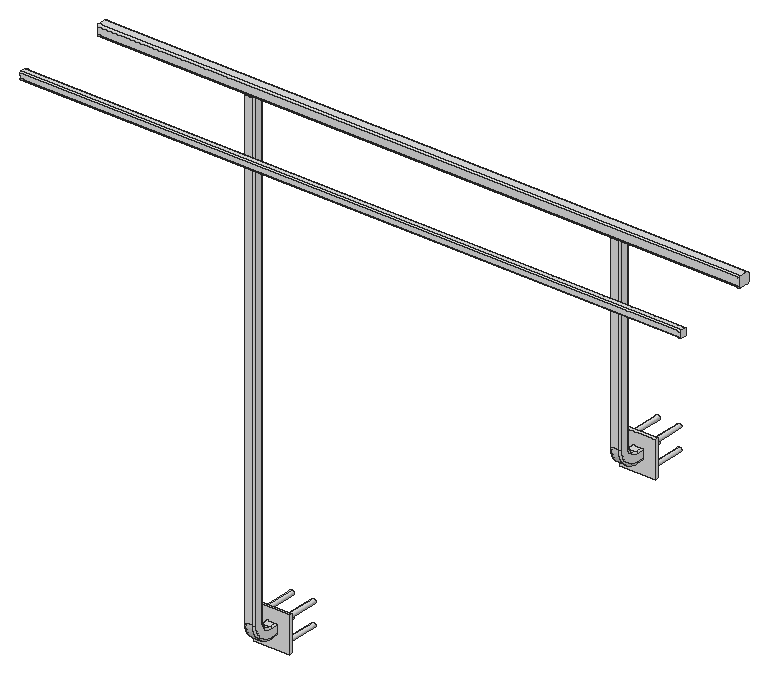
Revit family "AVLN_Ограждение парапета_разноуровневые", category Каркас несущий, Revit 2021
Family settings
  Округление длины несущего каркаса = 0 мм
  Форма сечения = Не задано
  Материал для поведения модели = Прочее
  Всегда экспортировать в виде геометрии = Нет
  На основе рабочей плоскости = Нет
  Всегда вертикально = Да
  При загрузке вырезать с полостями = Нет
  Условное обозначение = Из семейства
  Общий = Нет
  Показывать семейство разрезанным на планах = Да
Parameters (values of type "АР_О_Ограждение парапета")
  Шаг гор. труб = 150 mm
  Труба.2_Ширина = 20 mm  # constant formula
  Труба.2_Толщина = 2 mm  # constant formula
  Отступ трубы = 50 mm
  Отступ от стены = 50 mm
  Отступ нижней часта.Справа [instance] = -150 mm
  Отступ нижней часта.Слева [instance] = 200 mm
  Отступ гор. труб = 150 mm
  Материал ограждения парапета = ADSK_RAL9002/9003
  Structural Material [instance] = (empty or 0)
  Количество горизонтальных поручней [instance] = 1
  Количество вертикальных стоек [instance] = 2
  Длина [instance] = 1800 mm
  Труба.1_Ширина = 30 mm  # constant formula
  Труба.1_Толщина = 3 mm  # constant formula
  Пластина_Ширина = 100 mm
  Пластина_Толщина = 8 mm
  Пластина_Длина = 100 mm
  Отступ от пола [instance] = 0 mm
  Отступ крайних стоек [instance] = 350 mm
  Комментарии к типоразмеру = "АР"
  Группа модели = "Ограждение парапета"
  Высота.2 = 0 mm  # constant formula
  Высота.1 = 600 mm
  Анкер_Длина = 150 mm
  Анкер_Диаметр = 10 mm
  ADSK_Этаж [instance] = ""
  ADSK_Примечание = ""
  ADSK_Обозначение = ""
  ADSK_Номер секции [instance] = ""
  ADSK_Наименование = "Ограждение парапета"
  ADSK_Марка = "ОГ-11"
Types (8, lengths in mm): name | Шаг гор. труб | Отступ гор. труб | Материал ограждения парапета | Группа модели | Высота.1 | ADSK_Наименование
  АР_О_Ограждение парапета | 150 | 150 | ADSK_RAL9002/9003 | "Ограждение парапета" | 600 | "Ограждение парапета"
  АР_О_Ограждение парапета 7 | 150 | 150 | ADSK_RAL9002/9003 | "Ограждение парапета" | 900 | "Ограждение парапета"
  АР_О_Ограждение парапета 6 | 150 | 150 | ADSK_RAL9002/9003 | "Ограждение парапета" | 1000 | "Ограждение парапета"
  АР_О_Ограждение парапета 5 | 200 | 200 | none | 0 | 1900 | ""
  АР_О_Ограждение парапета 4 | 150 | 150 | ADSK_RAL9002/9003 | "Ограждение парапета" | 950 | "Ограждение парапета"
  АР_О_Ограждение парапета 3 | 150 | 150 | ADSK_RAL9002/9003 | "Ограждение парапета" | 900 | "Ограждение парапета"
  АР_О_Ограждение парапета 2 | 150 | 150 | ADSK_RAL9002/9003 | "Ограждение парапета" | 800 | "Ограждение парапета"
  АР_О_Ограждение парапета 8 | 150 | 150 | ADSK_RAL9002/9003 | "Ограждение парапета" | 1000 | "Ограждение парапета"
Reference planes
  plane 1 "По центру (Вперед/Назад)": y = 0
  plane 2: z = 0
  plane 3 "По центру (Влево/Вправо)": x = 0
  plane 4: y = -50
  plane 5: y = -100
  plane 6: z = 600
  plane 7: z = 600
  plane 8: z = 570
  plane 9: x = -900
  plane 10: x = 900
  plane 11: y = -130
Dimensions and locks
  "Отступ от стены": plane 4 to plane 1 "По центру (Вперед/Назад)"
  "Отступ трубы": plane 4 to plane 5
  "Высота.2": plane 7 to plane 6
  "Высота.1": plane 6 to level
  plane 8 to level = 570 mm
  "Труба.1_Ширина": plane 7 to plane 8
  equal spacing: plane 9, plane 3 "По центру (Влево/Вправо)", plane 10
  "Длина": plane 9 to plane 10
  "Труба.1_Ширина": plane 5 to plane 11
  plane 10 to plane 9 = 1800 mm
  aligned and locked: level to plane 2
  aligned and locked: nested 1 to plane 4
  aligned and locked: plane 3 "По центру (Влево/Вправо)" to nested 1
Nested families
  nested 1: "АР_В_Ограждение парапета" at (0, -115, 0), ADSK_Группирование <- "Комментарии к типоразмеру", ADSK_Номер секции <- "ADSK_Номер секции", ADSK_Этаж <- "ADSK_Этаж", Высота <- "Высота.1", Ширина <- "Длина", ОТ <- "Отступ от пола", ОТ_Крайних стоек <- "Отступ крайних стоек", Т_Толщина <- "Труба.1_Толщина", Т_Ширина <- "Труба.1_Ширина", А1_Диаметр <- "Анкер_Диаметр", А1_Длина <- "Анкер_Длина", А2_Диаметр <- "Анкер_Диаметр", А2_Длина <- "Анкер_Длина", П1_Высота <- "Пластина_Длина", П1_Толщина <- "Пластина_Толщина", П1_Ширина <- "Пластина_Ширина", П2_Высота <- "Пластина_Длина", П2_Толщина <- "Пластина_Толщина", П2_Ширина <- "Пластина_Ширина", КВС <- "Количество вертикальных стоек", Отс.Б.Трубы <- "Отступ трубы", ADSK_Марка <- "ADSK_Марка", ОТ_Гор.труб <- "Отступ гор. труб", Шаг_Гор.труб <- "Шаг гор. труб", Т2_Ширина <- "Труба.2_Ширина", Т2_Толщина <- "Труба.2_Толщина", КГТ <- "Количество горизонтальных поручней", ОТ.НС.Л <- "Отступ нижней часта.Слева", ОТ.НС.П <- "Отступ нижней часта.Справа", Материал ОП <- "Материал ограждения парапета", type "АР_В_Ограждение парапета"
    with Ширина 1800 mm, Шаг_Гор.труб 150 mm, Т_Ширина 30 mm, Т_Толщина 3 mm, Т_Длина крайних стоек 327 mm, Т_Высота стойки_Справа 1370 mm, Т_Высота стойки_Слева 570 mm, Т2_Ширина 20 mm, Т2_Толщина 2 mm, П2_Ширина 100 mm, П2_Толщина 8 mm, П2_Высота 100 mm, П1_Ширина 100 mm, П1_Толщина 8 mm, П1_Высота 100 mm, Отс.Б.Трубы 50 mm, ОТ_Крайних стоек 350 mm, ОТ_Гор.труб 150 mm, ОТ.НЧ.УДЛ.П 650 mm, ОТ.НЧ.УДЛ.Л 300 mm, ОТ.НС.П -150 mm, ОТ.НС.Л 200 mm, ОТ 0 mm, НЧ.Длина 1850 mm, Материал ОП ADSK_RAL9002/9003, КГТ.2 2, КГТ 1, КВС 2, Высота_справа 1400 mm, Высота 600 mm, ВИД.2 no, ВИД.1 yes, А2_Длина 150 mm, А2_Диаметр 10 mm, А1_Длина 150 mm, А1_Диаметр 10 mm, ADSK_Этаж "", ADSK_Позиция "", ADSK_Номер секции "", ADSK_Марка "ОГ-11", ADSK_Группирование "АР"
  nested 2: "Труба горизонтальная-ОГП" at (0, -115, 570), type "Труба горизонтальная-ОГП"
    with Ш.трубы 30 mm, Т.Трубы 3 mm, М ADSK_RAL9002/9003, Высота геометрии 1800 mm, ВИД yes, ADSK_Этаж "", ADSK_Размер_Ширина 30 mm, ADSK_Размер_Толщина 3 mm, ADSK_Размер_Длина 1800 mm, ADSK_Размер_Высота 30 mm, ADSK_Позиция "", ADSK_Обозначение "ГОСТ 8639-82", ADSK_Номер секции "", ADSK_Наименование "Труба", ADSK_Масса погонного метра 1.44, ADSK_Масса 2.592, ADSK_Марка "ОГ-11", ADSK_Группирование "АР"
  nested 3: "Труба горизонтальная-ОГП" at (-175, -140, 400), type "Труба горизонтальная-ОГП"
    with Ш.трубы 20 mm, Т.Трубы 2 mm, М ADSK_RAL9002/9003, Высота геометрии 1850 mm, ВИД yes, ADSK_Этаж "", ADSK_Размер_Ширина 20 mm, ADSK_Размер_Толщина 2 mm, ADSK_Размер_Длина 1850 mm, ADSK_Размер_Высота 20 mm, ADSK_Позиция "1", ADSK_Обозначение "ГОСТ 8639-82", ADSK_Номер секции "", ADSK_Наименование "Труба", ADSK_Масса погонного метра 1.44, ADSK_Масса 2.664, ADSK_Марка "ОГ-11", ADSK_Группирование "АР"
  nested 4: "Труба-ОГП" at (-475.112, -115, -800) x (0, -1, 0) z (0, 0, 1), type "Труба-ОГП"
    with Ш.трубы 30 mm, Т.Трубы 3 mm, ОТС 50 mm, М ADSK_RAL9002/9003, Заглушка низ no, Заглушка верх no, Высота геометрии 1370 mm, ADSK_Этаж "", ADSK_Размер_Ширина 30 mm, ADSK_Размер_Толщина 3 mm, ADSK_Размер_Длина 1450 mm, ADSK_Размер_Высота 30 mm, ADSK_Позиция "", ADSK_Обозначение "ГОСТ 8639-82", ADSK_Номер секции "", ADSK_Наименование "Труба 30х30х3", ADSK_Масса погонного метра 1.44, ADSK_Масса 1.9728, ADSK_Марка "ОГ-11", ADSK_Группирование "АР"
  nested 5: "Труба-ОГП" at (550, -115, 0) x (0, -1, 0) z (0, 0, 1), type "Труба-ОГП"
    with Ш.трубы 30 mm, Т.Трубы 3 mm, ОТС 50 mm, М ADSK_RAL9002/9003, Заглушка низ no, Заглушка верх no, Высота геометрии 570 mm, ADSK_Этаж "", ADSK_Размер_Ширина 30 mm, ADSK_Размер_Толщина 3 mm, ADSK_Размер_Длина 650 mm, ADSK_Размер_Высота 30 mm, ADSK_Позиция "", ADSK_Обозначение "ГОСТ 8639-82", ADSK_Номер секции "", ADSK_Наименование "Труба 30х30х3", ADSK_Масса погонного метра 1.44, ADSK_Масса 0.8208, ADSK_Марка "ОГ-11", ADSK_Группирование "АР"
  nested 6: "Опорная пластина-ОГП" at (-475.112, -50, -800) x (1, 0, 0) z (0, 1, 0), type "Опорная пластина-ОГП"
    with Ширина 100 mm, Толщина 8 mm, М ADSK_RAL9002/9003, Высота 100 mm, ADSK_Этаж "", ADSK_Размер_Ширина 100 mm, ADSK_Размер_Толщина 8 mm, ADSK_Размер_Высота 100 mm, ADSK_Позиция "", ADSK_Обозначение "ГОСТ 19903-74", ADSK_Номер секции "", ADSK_Наименование "Лист 100х100х8", ADSK_Масса погонного метра 78.5, ADSK_Масса 0.785, ADSK_Марка "ОГ-11", ADSK_Группирование "АР"
  nested 7: "Анкер-шуруп Hilti HUS3-ОГП" at (-505.112, -42, -770) x (0, 1, 0) z (0, 0, -1), type "Анкер-шуруп Hilti HUS3-ОГП"
    with Этаж 0, М ADSK_RAL9002/9003, Длина 100 mm, ADSK_Этаж "", ADSK_Номер секции "", ADSK_Марка "ОГ-11", ADSK_Группирование "АР"
  nested 8: "Анкер-шуруп Hilti HUS3-ОГП" at (-445.112, -42, -770) x (0, 1, 0) z (0, 0, -1), type "Анкер-шуруп Hilti HUS3-ОГП"
    with Этаж 0, М ADSK_RAL9002/9003, Длина 100 mm, ADSK_Этаж "", ADSK_Номер секции "", ADSK_Марка "ОГ-11", ADSK_Группирование "АР"
  nested 9: "Анкер-шуруп Hilti HUS3-ОГП" at (-445.112, -42, -830) x (0, 1, 0) z (0, 0, -1), type "Анкер-шуруп Hilti HUS3-ОГП"
    with Этаж 0, М ADSK_RAL9002/9003, Длина 100 mm, ADSK_Этаж "", ADSK_Номер секции "", ADSK_Марка "ОГ-11", ADSK_Группирование "АР"
  nested 10: "Анкер-шуруп Hilti HUS3-ОГП" at (-505.112, -42, -830) x (0, 1, 0) z (0, 0, -1), type "Анкер-шуруп Hilti HUS3-ОГП"
    with Этаж 0, М ADSK_RAL9002/9003, Длина 100 mm, ADSK_Этаж "", ADSK_Номер секции "", ADSK_Марка "ОГ-11", ADSK_Группирование "АР"
  nested 11: "Опорная пластина-ОГП" at (550, -50, 0) x (1, 0, 0) z (0, 1, 0), type "Опорная пластина-ОГП"
    with Ширина 100 mm, Толщина 8 mm, М ADSK_RAL9002/9003, Высота 100 mm, ADSK_Этаж "", ADSK_Размер_Ширина 100 mm, ADSK_Размер_Толщина 8 mm, ADSK_Размер_Высота 100 mm, ADSK_Позиция "", ADSK_Обозначение "ГОСТ 19903-74", ADSK_Номер секции "", ADSK_Наименование "Лист 100х100х8", ADSK_Масса погонного метра 78.5, ADSK_Масса 0.785, ADSK_Марка "ОГ-11", ADSK_Группирование "АР"
  nested 12: "Анкер-шуруп Hilti HUS3-ОГП" at (520, -42, 30) x (0, 1, 0) z (0, 0, -1), type "Анкер-шуруп Hilti HUS3-ОГП"
    with Этаж 0, М ADSK_RAL9002/9003, Длина 100 mm, ADSK_Этаж "", ADSK_Номер секции "", ADSK_Марка "ОГ-11", ADSK_Группирование "АР"
  nested 13: "Анкер-шуруп Hilti HUS3-ОГП" at (580, -42, 30) x (0, 1, 0) z (0, 0, -1), type "Анкер-шуруп Hilti HUS3-ОГП"
    with Этаж 0, М ADSK_RAL9002/9003, Длина 100 mm, ADSK_Этаж "", ADSK_Номер секции "", ADSK_Марка "ОГ-11", ADSK_Группирование "АР"
  nested 14: "Анкер-шуруп Hilti HUS3-ОГП" at (580, -42, -30) x (0, 1, 0) z (0, 0, -1), type "Анкер-шуруп Hilti HUS3-ОГП"
    with Этаж 0, М ADSK_RAL9002/9003, Длина 100 mm, ADSK_Этаж "", ADSK_Номер секции "", ADSK_Марка "ОГ-11", ADSK_Группирование "АР"
  nested 15: "Анкер-шуруп Hilti HUS3-ОГП" at (520, -42, -30) x (0, 1, 0) z (0, 0, -1), type "Анкер-шуруп Hilti HUS3-ОГП"
    with Этаж 0, М ADSK_RAL9002/9003, Длина 100 mm, ADSK_Этаж "", ADSK_Номер секции "", ADSK_Марка "ОГ-11", ADSK_Группирование "АР"
Definition of nested family "Труба горизонтальная-ОГП"
  Parameters (values of type "Труба горизонтальная-ОГП")
    Ширина геометрии = 25 mm
    Ш.трубы [instance] = 40 mm
    Т.Трубы [instance] = 3 mm
    Страна изготовления = ""
    Default Elevation = 1219.2 mm
    Масса = 1.525 kg
    М [instance] = none
    Копирайт = ""
    Model = "Элемент ограждения парапета"  # constant formula
    Глубина геометрии = 25 mm
    Высота геометрии [instance] = 454 mm
    ВИД [instance] = yes
    URL (Производитель) = ""
    URL (Магазин) = ""
    ADSK_Этаж [instance] = ""
    ADSK_Размер_Ширина [instance] = Ш.трубы  # 40 mm
    ADSK_Размер_Толщина [instance] = Т.Трубы  # 3 mm
    ADSK_Размер_Длина [instance] = Высота геометрии  # 454 mm
    ADSK_Размер_Высота [instance] = Ш.трубы  # 40 mm
    ADSK_Позиция [instance] = "1"
    ADSK_Обозначение [instance] = "ГОСТ 8639-82"  # constant formula
    ADSK_Номер секции [instance] = ""
    ADSK_Наименование [instance] = "Труба"  # constant formula
    ADSK_Масса погонного метра [instance] = 3.36
    ADSK_Масса [instance] = (ADSK_Масса погонного метра * Высота геометрии) / 1000 mm  # 1.5254
    ADSK_Марка [instance] = ""
    ADSK_Группирование [instance] = ""
  Reference planes
    plane 1 "По центру (Вперед/Назад)": y = 0
    plane 2: z = 0
    plane 3 "По центру (Влево/Вправо)": x = 0
    plane 4: x = 227
    plane 5: x = -227
    plane 6: y = -20
    plane 7: y = 20
    plane 8: z = 40
    plane 9: z = 20
  Forms (mm)
    Sweep 1, solid, material <- "М", visible <- "ВИД"
      path origin (0, 0, 0) x (1, 0, 0) y (0, 0, 1)
        loop
          line (-227, 20) -> (227, 20)
      profile "Труба квадратная : 20х20х2" origin (0, 0, 20) x (0, 0, 1) y (0, -1, 0)
        loop
          arc (-15.5, 20) -> (-18.682, 18.682) -> (-20, 15.5) r 4.5
          line (-20, 15.5) -> (-20, -15.5)
          arc (-20, -15.5) -> (-18.682, -18.682) -> (-15.5, -20) r 4.5
          line (-15.5, -20) -> (15.5, -20)
          arc (15.5, -20) -> (18.682, -18.682) -> (20, -15.5) r 4.5
          line (20, -15.5) -> (20, 15.5)
          arc (20, 15.5) -> (18.682, 18.682) -> (15.5, 20) r 4.5
          line (15.5, 20) -> (-15.5, 20)
  Dimensions and locks
    equal spacing: plane 7, plane 1 "По центру (Вперед/Назад)", plane 6
    "Ш.трубы": plane 7 to plane 6
    equal spacing: plane 5, plane 3 "По центру (Влево/Вправо)", plane 4
    "Высота геометрии": plane 5 to plane 4
    "Ш.трубы": plane 8 to level
    equal spacing: plane 8, plane 9, level
    aligned and locked: level to plane 2
    aligned and locked: Sweep 1 sketch curve to plane 9
    aligned and locked: plane 5 to Sweep 1 sketch curve
    aligned and locked: plane 4 to Sweep 1 sketch curve
Definition of nested family "Труба-ОГП"
  Parameters (values of type "Труба-ОГП")
    Ширина геометрии = 25 mm
    Ш.трубы [instance] = 40 mm
    Т.Трубы [instance] = 3 mm
    Страна изготовления = ""
    ОТС [instance] = 180.623 mm
    Масса = 0.00 kg
    М.заглушки = none
    М [instance] = none
    Копирайт = ""
    Заглушка низ [instance] = 1 = 0  # no
    Заглушка верх [instance] = 1 = 0  # no
    Model = "Элемент ограждения парапета"  # constant formula
    Глубина геометрии = 25 mm
    Высота геометрии [instance] = 454 mm
    URL (Производитель) = ""
    URL (Магазин) = ""
    ADSK_Этаж [instance] = ""
    ADSK_Размер_Ширина [instance] = Ш.трубы  # 40 mm
    ADSK_Размер_Толщина [instance] = Т.Трубы  # 3 mm
    ADSK_Размер_Длина [instance] = Высота геометрии + ОТС + Ш.трубы  # 674.623 mm
    ADSK_Размер_Высота [instance] = Ш.трубы  # 40 mm
    ADSK_Позиция [instance] = ""
    ADSK_Обозначение [instance] = "ГОСТ 8639-82"  # constant formula
    ADSK_Номер секции [instance] = ""
    ADSK_Наименование [instance] = "Труба 30х30х3"  # constant formula
    ADSK_Масса погонного метра [instance] = 3.36
    ADSK_Масса [instance] = (ADSK_Масса погонного метра * Высота геометрии) / 1000 mm  # 1.5254
    ADSK_Марка [instance] = ""
    ADSK_Группирование [instance] = ""
  Reference planes
    plane 1 "По центру (Вперед/Назад)": y = 0
    plane 2: z = 0
    plane 3 "По центру (Влево/Вправо)": x = 0
    plane 4: x = 20
    plane 5: x = -20
    plane 6: y = -20
    plane 7: y = 20
    plane 8: z = 454
    plane 9: z = 227
    plane 10: x = -200.623
  Forms (mm)
    Sweep 1, solid, material <- "М"
      path origin (0, 0, 0) x (1, 0, 0) y (0, 0, 1)
        loop
          line (0, 454) -> (0, 50)
          arc (0, 50) -> (-14.645, 14.645) -> (-50, 0) r 50
          line (-50, 0) -> (-200.623, 0)
      profile "Труба квадратная : 40х40х3" origin (0, 0, 252) x (1, 0, 0) y (0, -1, 0)
        loop
          arc (-15.5, 20) -> (-18.682, 18.682) -> (-20, 15.5) r 4.5
          line (-20, 15.5) -> (-20, -15.5)
          arc (-20, -15.5) -> (-18.682, -18.682) -> (-15.5, -20) r 4.5
          line (-15.5, -20) -> (15.5, -20)
          arc (15.5, -20) -> (18.682, -18.682) -> (20, -15.5) r 4.5
          line (20, -15.5) -> (20, 15.5)
          arc (20, 15.5) -> (18.682, 18.682) -> (15.5, 20) r 4.5
          line (15.5, 20) -> (-15.5, 20)
  Dimensions and locks
    equal spacing: plane 7, plane 1 "По центру (Вперед/Назад)", plane 6
    "Ш.трубы": plane 7 to plane 6
    equal spacing: plane 5, plane 3 "По центру (Влево/Вправо)", plane 4
    "Ш.трубы": plane 5 to plane 4
    "Высота геометрии": plane 8 to level
    equal spacing: plane 8, plane 9, level
    "ОТС": plane 5 to plane 10
    aligned and locked: level to plane 2
    aligned and locked: Sweep 1 sketch curve to plane 3 "По центру (Влево/Вправо)"
    aligned and locked: plane 8 to Sweep 1 sketch curve
    aligned and locked: plane 10 to Sweep 1 sketch curve
  Automatic sketch dimensions
    Sweep 1 sketch curve to level = 0 mm
    plane 5 to Sweep 1 sketch curve = 30 mm
Definition of nested family "Опорная пластина-ОГП"
  Parameters (values of type "Опорная пластина-ОГП")
    Ширина [instance] = 80 mm
    Толщина [instance] = 10 mm
    Default Elevation = 1219.2 mm
    О.отверстий = 20 mm
    М [instance] = none
    Model = "Элемент ограждения парапета"  # constant formula
    Высота [instance] = 120 mm
    D.отв. = 10 mm
    ADSK_Этаж [instance] = ""
    ADSK_Размер_Ширина [instance] = Ширина  # 80 mm
    ADSK_Размер_Толщина [instance] = Толщина  # 10 mm
    ADSK_Размер_Высота [instance] = Высота  # 120 mm
    ADSK_Позиция [instance] = ""
    ADSK_Обозначение [instance] = "ГОСТ 19903-74"  # constant formula
    ADSK_Номер секции [instance] = ""
    ADSK_Наименование [instance] = "Лист 100х100х8"  # constant formula
    ADSK_Материал обозначение = "С245 ГОСТ 27772-88*"  # constant formula
    ADSK_Масса погонного метра [instance] = 78.5
    ADSK_Масса [instance] = ADSK_Масса погонного метра * (Высота * Ширина) / 1.00 m²  # 0.7536
    ADSK_Марка [instance] = ""
    ADSK_Группирование [instance] = ""
  Reference planes
    plane 1 "По центру (Вперед/Назад)": y = 0
    plane 2: z = 0
    plane 3 "По центру (Влево/Вправо)": x = 0
    plane 4: x = -40
    plane 5: y = -60
    plane 6: y = 60
    plane 7: x = 40
    plane 8: z = 10
    plane 9: x = -20
    plane 10: x = 20
    plane 11: y = -40
    plane 12: y = 40
  Forms (mm)
    Extrusion 1, solid
      sketch origin (0, 0, 0) x (1, 0, 0) y (0, 1, 0)
        loop
          line (-1219.2, 1219.2) -> (-1219.2, -1219.2) -> (1219.2, -1219.2) -> (1219.2, 1219.2) -> (-1219.2, 1219.2)
      from 0 to -304.8
    Extrusion 2, solid, material <- "М"
      sketch origin (0, 0, 0) x (1, 0, 0) y (0, 1, 0)
        loop
          line (-40, 60) -> (-40, -60) -> (40, -60) -> (40, 60) -> (-40, 60)
      from 0 to 10
  Dimensions and locks
    equal spacing: plane 4, plane 3 "По центру (Влево/Вправо)", plane 7
    equal spacing: plane 6, plane 1 "По центру (Вперед/Назад)", plane 5
    "Ширина": plane 4 to plane 7
    "Высота": plane 5 to plane 6
    "Толщина": plane 8 to plane 2
    "О.отверстий": plane 4 to plane 9
    "О.отверстий": plane 10 to plane 7
    "О.отверстий": plane 12 to plane 6
    "О.отверстий": plane 11 to plane 5
    aligned and locked: plane 2 to Extrusion 1
    aligned and locked: level to Extrusion 1
    aligned and locked: Extrusion 2 sketch curve to plane 4
    aligned and locked: plane 7 to Extrusion 2 sketch curve
    aligned and locked: plane 6 to Extrusion 2 sketch curve
    aligned and locked: Extrusion 2 sketch curve to plane 5
    aligned and locked: plane 8 to Extrusion 2
  Automatic sketch dimensions
    Extrusion 1 sketch curve to Extrusion 1 sketch curve = 2438.4 mm  (x2)
Definition of nested family "Анкер-шуруп Hilti HUS3-ОГП"
  Parameters (values of type "Анкер-шуруп Hilti HUS3-ОГП")
    Этаж [instance] = 0
    Ш = 1040 mm
    Default Elevation = 1219.2 mm
    М [instance] = none
    Type Comments = "3"
    Длина [instance] = 100 mm
    Model = "Элемент ограждения парапета"  # constant formula
    Di = 25 mm
    ADSK_Этаж [instance] = ""
    ADSK_Обозначение = ""  # constant formula
    ADSK_Номер секции [instance] = ""
    ADSK_Наименование краткое = "Анкер-шуруп Hilti HUS3"  # constant formula
    ADSK_Наименование = "Анкер-шуруп Hilti HUS3"  # constant formula
    ADSK_Марка изделия = "Крепежные элементы"  # constant formula
    ADSK_Марка [instance] = ""
    ADSK_Группирование [instance] = ""
  Reference planes
    plane 1 "По центру (Вперед/Назад)": y = 0
    plane 2: z = 0
    plane 3 "По центру (Влево/Вправо)": x = 0
    plane 4: z = 12.5
    plane 5: z = -12.5
    plane 6: x = -3
    plane 7: z = 6
    plane 8: z = -6
    plane 9: x = 100
  Forms (mm)
    Revolve 1, solid, material <- "М"
      sketch origin (0, 0, 0) x (1, 0, 0) y (0, 0, 1)
        loop
          line (0, 6) -> (0, 0) -> (100, 0) -> (100, 6) -> (0, 6)
        axis (100, 0) -> (0, 0)
      angle from 0 to 360
  Lines and regions (mm)
    symbolic lines
      curve 1: line (0, 0, 6) -> (0, 0, -6)
      curve 2: line (0, 0, 6) -> (100, 0, 6)
      curve 3: line (100, 0, 6) -> (100, 0, -6)
      curve 4: line (100, 0, -6) -> (0, 0, -6)
  Dimensions and locks
    equal spacing: plane 4, level, plane 5
    "Di": plane 4 to plane 5
    plane 3 "По центру (Влево/Вправо)" to plane 6 = 3 mm
    "Длина": plane 9 to plane 3 "По центру (Влево/Вправо)"
    equal spacing: plane 7, level, plane 8
    plane 7 to plane 8 = 12 mm
    aligned and locked: level to plane 2
  Automatic sketch dimensions
    Revolve 1 sketch curve to level = 0 mm  (x2)
    Revolve 1 sketch curve to plane 9 = 0 mm
    Revolve 1 sketch curve to plane 7 = 0 mm
    Revolve 1 sketch curve to plane 6 = 8.541 mm
    Revolve 1 sketch curve to Revolve 1 sketch curve = 4.443 mm
    Revolve 1 sketch curve to plane 3 "По центру (Влево/Вправо)" = 0 mm
    curve 1 to plane 3 "По центру (Влево/Вправо)" = 0 mm
    curve 2 to plane 9 = 0 mm
    curve 4 to plane 8 = 0 mm
    curve 1 to plane 7 = 0 mm
Definition of nested family "АР_В_Ограждение парапета"
  Parameters (values of type "АР_В_Ограждение парапета")
    Ширина [instance] = 1500 mm
    Шаг_Гор.труб [instance] = 150 mm
    Т_Ширина [instance] = 30 mm
    Т_Толщина [instance] = 3 mm
    Т_Длина крайних стоек [instance] = ОТ_Крайних стоек - Т_Ширина / 2 - П1_Толщина  # 280 mm
    Т_Высота стойки_Справа [instance] = Высота_справа - Т_Ширина  # 1370 mm
    Т_Высота стойки_Слева [instance] = Высота - Т_Ширина  # 1170 mm
    Т2_Ширина [instance] = 20 mm
    Т2_Толщина [instance] = 2 mm
    ПГП = no
    ПГЛ = no
    ПБП = no
    ПБЛ = no
    П2_Ширина [instance] = 150 mm
    П2_Толщина [instance] = 5 mm
    П2_Высота [instance] = 150 mm
    П1_Ширина [instance] = 150 mm
    П1_Толщина [instance] = 5 mm
    П1_Высота [instance] = 150 mm
    Отс.Б.Трубы [instance] = 150 mm
    ОТ_Крайних стоек [instance] = 300 mm
    ОТ_Гор.труб [instance] = 300 mm
    ОТ.НЧ.УДЛ.П [instance] = 500 mm - ОТ.НС.П  # 250 mm
    ОТ.НЧ.УДЛ.Л [instance] = 500 mm - ОТ.НС.Л  # 350 mm
    ОТ.НС.П [instance] = 250 mm
    ОТ.НС.Л [instance] = 150 mm
    ОТ [instance] = 0 mm
    НЧ.Длина [instance] = Ширина + ОТ.НС.Л + ОТ.НС.П  # 1900 mm
    Материал ОП [instance] = none
    КГТ.2 [instance] = if(КГТ < 2, 2, КГТ)  # 4
    КГТ [instance] = 4
    КВС [instance] = 4
    Model = "Ограждение парапета"  # constant formula
    Высота_справа [instance] = 1400 mm
    Высота [instance] = 1200 mm
    ВИД.2 [instance] = КГТ > 1  # yes
    ВИД.1 [instance] = КГТ < 2  # no
    А2_Длина [instance] = 150 mm
    А2_Диаметр [instance] = 10 mm
    А1_Длина [instance] = 100 mm
    А1_Диаметр [instance] = 12 mm
    ADSK_Этаж [instance] = ""
    ADSK_Позиция [instance] = ""
    ADSK_Номер секции [instance] = ""
    ADSK_Марка [instance] = ""
    ADSK_Группирование [instance] = ""
  Reference planes
    plane 1 "По центру (Вперед/Назад)": y = 0
    plane 2: z = 0
    plane 3 "По центру (Влево/Вправо)": x = 0
    plane 4 "ПЛ2": x = -750
    plane 5 "ПП2": x = 750
    plane 6 "П_Н": z = 0
    plane 7: z = 1200
    plane 8: y = 170
    plane 9 "П_Л": x = -745
    plane 10 "П_П": x = 745
    plane 11: z = 1170
    plane 12 "П.НИЗ": z = 5
    plane 13: x = -450
    plane 14: x = 450
    plane 15: z = 1185
    plane 16: x = 605
    plane 17: x = -465
    plane 18: x = -435
    plane 19: x = 435
    plane 20: x = 465
    plane 21 "БП": y = 165
    plane 22: y = 15
    plane 23: y = -15
    plane 24: z = 870
    plane 25: z = 860
    plane 26: z = 850
    plane 27: z = 700
    plane 28: z = 690
    plane 29: z = 680
    plane 30: y = -35
    plane 31: y = -25
    plane 32: x = -900
    plane 33: x = 1000
    plane 34: x = 50
    plane 35: x = -1750
    plane 36: x = -1250
    plane 37: x = 1750
    plane 38: x = 1250
    plane 39: z = -200
  Dimensions and locks
    equal spacing: plane 4 "ПЛ2", plane 3 "По центру (Влево/Вправо)", plane 5 "ПП2"
    "Ширина": plane 4 "ПЛ2" to plane 5 "ПП2"
    "ОТ": plane 6 "П_Н" to level
    "П1_Толщина": plane 8 to plane 21 "БП"
    "П1_Толщина": plane 4 "ПЛ2" to plane 9 "П_Л"
    "П1_Толщина": plane 10 "П_П" to plane 5 "ПП2"
    "Т_Ширина": plane 7 to plane 11
    "Высота": plane 7 to plane 6 "П_Н"
    "П1_Толщина": plane 12 "П.НИЗ" to plane 6 "П_Н"
    plane 11 to plane 12 "П.НИЗ" = 1165 mm
    "ОТ_Крайних стоек": plane 13 to plane 4 "ПЛ2"
    "ОТ_Крайних стоек": plane 14 to plane 5 "ПП2"
    equal spacing: plane 7, plane 15, plane 11
    equal spacing: plane 18, plane 13, plane 17
    "Т_Ширина": plane 18 to plane 17
    equal spacing: plane 10 "П_П", plane 16, plane 20
    equal spacing: plane 20, plane 14, plane 19
    "Т_Ширина": plane 20 to plane 19
    "Отс.Б.Трубы": plane 22 to plane 21 "БП"
    equal spacing: plane 23, plane 1 "По центру (Вперед/Назад)", plane 22
    "Т_Ширина": plane 22 to plane 23
    equal spacing: plane 24, plane 25, plane 26
    "Т2_Ширина": plane 24 to plane 26
    "ОТ_Гор.труб": plane 11 to plane 24
    equal spacing: group 3, group 4, group 5, group 6  (x2)
    equal spacing: group 6, group 5, group 4, group 3
    equal spacing: plane 27, plane 28, plane 29
    "Т2_Ширина": plane 27 to plane 29
    "Шаг_Гор.труб": plane 26 to plane 27
    equal spacing: plane 30, plane 31, plane 23
    "Т2_Ширина": plane 30 to plane 23
    "ОТ.НЧ.УДЛ.Л": plane 32 to plane 36
    "ОТ.НЧ.УДЛ.П": plane 33 to plane 38
    equal spacing: plane 33, plane 34, plane 32
    locked: plane 4 "ПЛ2" to plane 35 at 1000
    locked: plane 36 to plane 35 at 500
    locked: plane 5 "ПП2" to plane 37 at 1000
    locked: plane 38 to plane 37 at 500
    "Высота_справа": plane 39 to plane 7
    aligned and locked: level to plane 2
    aligned and locked: plane 1 "По центру (Вперед/Назад)" to nested 2
    aligned and locked: plane 3 "По центру (Влево/Вправо)" to nested 2
    aligned and locked: plane 15 to nested 2
    aligned and locked: nested 3 to plane 1 "По центру (Вперед/Назад)"
    aligned and locked: nested 5 to plane 1 "По центру (Вперед/Назад)"
    aligned and locked: nested 4 to plane 1 "По центру (Вперед/Назад)"
    aligned and locked: nested 6 to plane 1 "По центру (Вперед/Назад)"
    aligned and locked: plane 14 to nested 7
    aligned and locked: plane 1 "По центру (Вперед/Назад)" to nested 1
    aligned and locked: plane 1 "По центру (Вперед/Назад)" to nested 7
    aligned and locked: level to nested 7
    aligned and locked: nested 14 to plane 14
    aligned and locked: plane 25 to nested 20
    aligned and locked: plane 28 to nested 21
    aligned and locked: plane 25 to nested 22
    aligned and locked: plane 31 to nested 22
    aligned and locked: plane 31 to nested 20
    aligned and locked: plane 31 to nested 21
    aligned and locked: plane 34 to nested 20
    aligned and locked: plane 34 to nested 21
    aligned and locked: plane 34 to nested 22
    aligned and locked: nested 9 to plane 21 "БП"
    aligned and locked: nested 15 to plane 21 "БП"
    aligned and locked: plane 21 "БП" to nested 9
    aligned and locked: plane 21 "БП" to nested 15
    aligned and locked: nested 8 to plane 39
    aligned and locked: plane 39 to nested 1
  Nested families
    nested 1: "Труба-ОГП" at (-475.112, 0, -200) x (0, -1, 0) z (0, 0, 1), ADSK_Номер секции <- "ADSK_Номер секции", ADSK_Группирование <- "ADSK_Группирование", ADSK_Этаж <- "ADSK_Этаж", Высота геометрии <- "Т_Высота стойки_Справа", Ш.трубы <- "Т_Ширина", Т.Трубы <- "Т_Толщина", ОТС <- "Отс.Б.Трубы", ADSK_Марка <- "ADSK_Марка", М <- "Материал ОП", ADSK_Позиция <- "ADSK_Позиция", type "Труба-ОГП"
      with Ш.трубы 30 mm, Т.Трубы 3 mm, ОТС 150 mm, М none, Заглушка низ no, Заглушка верх no, Высота геометрии 1370 mm, ADSK_Этаж "", ADSK_Размер_Ширина 30 mm, ADSK_Размер_Толщина 3 mm, ADSK_Размер_Длина 1550 mm, ADSK_Размер_Высота 30 mm, ADSK_Позиция "", ADSK_Обозначение "ГОСТ 8639-82", ADSK_Номер секции "", ADSK_Наименование "Труба 30х30х3", ADSK_Масса погонного метра 1.44, ADSK_Масса 1.9728, ADSK_Марка "", ADSK_Группирование ""
    nested 2: "Труба горизонтальная-ОГП" at (0, 0, 1170), Высота геометрии <- "Ширина", Т.Трубы <- "Т_Толщина", Ш.трубы <- "Т_Ширина", ADSK_Группирование <- "ADSK_Группирование", ADSK_Номер секции <- "ADSK_Номер секции", ADSK_Этаж <- "ADSK_Этаж", ADSK_Марка <- "ADSK_Марка", М <- "Материал ОП", ADSK_Позиция <- "ADSK_Позиция", type "Труба горизонтальная-ОГП"
      with Ш.трубы 30 mm, Т.Трубы 3 mm, М none, Высота геометрии 1500 mm, ВИД yes, ADSK_Этаж "", ADSK_Размер_Ширина 30 mm, ADSK_Размер_Толщина 3 mm, ADSK_Размер_Длина 1500 mm, ADSK_Размер_Высота 30 mm, ADSK_Позиция "", ADSK_Обозначение "ГОСТ 8639-82", ADSK_Номер секции "", ADSK_Наименование "Труба", ADSK_Масса погонного метра 1.44, ADSK_Масса 2.16, ADSK_Марка "", ADSK_Группирование ""
    nested 3: "Пластина для ГБЗ" at (-750, 0, 587.5) x (0, 1, 0) z (1, 0, 0), Диаметр анкера <- "А2_Диаметр", Длина Анкера <- "А2_Длина", Высота <- "П2_Высота", Толщина <- "П2_Толщина", Ширина <- "П2_Ширина", Дюбеля <- "ПГЛ", Пластина для ГБЗ <- "ПГЛ", type "Пластина для ГБЗ"
      with Ширина 150 mm, Толщина 5 mm, Пластина для ГБЗ no, Дюбеля no, Длина Анкера 150 mm, Диаметр анкера 10 mm, Высота 150 mm, ADSK_Этаж "", ADSK_Номер секции "", ADSK_Марка "", ADSK_Группирование ""
    nested 4: "Пластина для ГБЗ" at (750, 0, 587.5) x (0, 1, 0) z (-1, 0, 0), Высота <- "П2_Высота", Диаметр анкера <- "А2_Диаметр", Длина Анкера <- "А2_Длина", Толщина <- "П2_Толщина", Ширина <- "П2_Ширина", Дюбеля <- "ПГП", Пластина для ГБЗ <- "ПГП", type "Пластина для ГБЗ"
      with Ширина 150 mm, Толщина 5 mm, Пластина для ГБЗ no, Дюбеля no, Длина Анкера 150 mm, Диаметр анкера 10 mm, Высота 150 mm, ADSK_Этаж "", ADSK_Номер секции "", ADSK_Марка "", ADSK_Группирование ""
    nested 5: "Пластина с ДБ" at (-745, 0, 587.5) x (0, 1, 0) z (1, 0, 0), Высота <- "П1_Высота", Диаметр анкера <- "А1_Диаметр", Длина Анкера <- "А1_Длина", Толщина <- "П1_Толщина", Ширина <- "П1_Ширина", Дюбеля <- "ПБЛ", Пластина для ГБЗ <- "ПБЛ", type "Пластина с ДБ"
      with Ширина 150 mm, Толщина 5 mm, Пластина для ГБЗ no, Дюбеля no, Длина Анкера 100 mm, Диаметр анкера 12 mm, Высота 150 mm, ADSK_Этаж "", ADSK_Номер секции "", ADSK_Группирование ""
    nested 6: "Пластина с ДБ" at (745, 0, 587.5) x (0, 1, 0) z (-1, 0, 0), Высота <- "П1_Высота", Диаметр анкера <- "А1_Диаметр", Длина Анкера <- "А1_Длина", Толщина <- "П1_Толщина", Ширина <- "П1_Ширина", Дюбеля <- "ПБП", Пластина для ГБЗ <- "ПБП", type "Пластина с ДБ"
      with Ширина 150 mm, Толщина 5 mm, Пластина для ГБЗ no, Дюбеля no, Длина Анкера 100 mm, Диаметр анкера 12 mm, Высота 150 mm, ADSK_Этаж "", ADSK_Номер секции "", ADSK_Группирование ""
    nested 7: "Труба-ОГП" at (450, 0, 0) x (0, -1, 0) z (0, 0, 1), ADSK_Номер секции <- "ADSK_Номер секции", ADSK_Группирование <- "ADSK_Группирование", ADSK_Этаж <- "ADSK_Этаж", Высота геометрии <- "Т_Высота стойки_Слева", Ш.трубы <- "Т_Ширина", Т.Трубы <- "Т_Толщина", ОТС <- "Отс.Б.Трубы", ADSK_Марка <- "ADSK_Марка", М <- "Материал ОП", ADSK_Позиция <- "ADSK_Позиция", type "Труба-ОГП"
      with Ш.трубы 30 mm, Т.Трубы 3 mm, ОТС 150 mm, М none, Заглушка низ no, Заглушка верх no, Высота геометрии 1170 mm, ADSK_Этаж "", ADSK_Размер_Ширина 30 mm, ADSK_Размер_Толщина 3 mm, ADSK_Размер_Длина 1350 mm, ADSK_Размер_Высота 30 mm, ADSK_Позиция "", ADSK_Обозначение "ГОСТ 8639-82", ADSK_Номер секции "", ADSK_Наименование "Труба 30х30х3", ADSK_Масса погонного метра 1.44, ADSK_Масса 1.6848, ADSK_Марка "", ADSK_Группирование ""
    nested 8: "Пластина для ГБЗ" at (-475.112, 165, -200) x (1, 0, 0) z (0, -1, 0), Высота <- "П2_Высота", Диаметр анкера <- "А2_Диаметр", Длина Анкера <- "А2_Длина", Толщина <- "П2_Толщина", Ширина <- "П2_Ширина", ADSK_Группирование <- "ADSK_Группирование", ADSK_Номер секции <- "ADSK_Номер секции", ADSK_Этаж <- "ADSK_Этаж", ADSK_Марка <- "ADSK_Марка", М <- "Материал ОП", ADSK_Позиция <- "ADSK_Позиция", type "Пластина для ГБЗ"
      with Ширина 150 mm, Толщина 5 mm, Пластина для ГБЗ yes, М none, Дюбеля yes, Длина Анкера 150 mm, Диаметр анкера 10 mm, Высота 150 mm, ADSK_Этаж "", ADSK_Позиция "", ADSK_Номер секции "", ADSK_Марка "", ADSK_Группирование ""
    nested 9: "Опорная пластина-ОГП" at (-475.112, 165, -200) x (1, 0, 0) z (0, 1, 0), type "Опорная пластина-ОГП"
      with Ширина 150 mm, Толщина 5 mm, М none, Высота 150 mm, ADSK_Этаж "", ADSK_Размер_Ширина 150 mm, ADSK_Размер_Толщина 5 mm, ADSK_Размер_Высота 150 mm, ADSK_Позиция "", ADSK_Обозначение "ГОСТ 19903-74", ADSK_Номер секции "", ADSK_Наименование "Лист 100х100х8", ADSK_Масса погонного метра 78.5, ADSK_Масса 1.7663, ADSK_Марка "", ADSK_Группирование ""
    nested 10: "Анкер-шуруп Hilti HUS3-ОГП" at (-530.112, 170, -145) x (0, 1, 0) z (0, 0, -1), type "Анкер-шуруп Hilti HUS3-ОГП"
      with Этаж 0, М none, Длина 103 mm, ADSK_Этаж "", ADSK_Номер секции "", ADSK_Марка "", ADSK_Группирование ""
    nested 11: "Анкер-шуруп Hilti HUS3-ОГП" at (-420.112, 173, -145) x (0, 1, 0) z (0, 0, -1), type "Анкер-шуруп Hilti HUS3-ОГП"
      with Этаж 0, М none, ADSK_Этаж "", ADSK_Номер секции "", ADSK_Марка "", ADSK_Группирование ""
    nested 12: "Анкер-шуруп Hilti HUS3-ОГП" at (-420.112, 170, -255) x (0, 1, 0) z (0, 0, -1), type "Анкер-шуруп Hilti HUS3-ОГП"
      with Этаж 0, М none, Длина 103 mm, ADSK_Этаж "", ADSK_Номер секции "", ADSK_Марка "", ADSK_Группирование ""
    nested 13: "Анкер-шуруп Hilti HUS3-ОГП" at (-530.112, 170, -255) x (0, 1, 0) z (0, 0, -1), type "Анкер-шуруп Hilti HUS3-ОГП"
      with Этаж 0, М none, Длина 103 mm, ADSK_Этаж "", ADSK_Номер секции "", ADSK_Марка "", ADSK_Группирование ""
    nested 14: "Пластина для ГБЗ" at (450, 165, 0) x (1, 0, 0) z (0, -1, 0), Высота <- "П2_Высота", Диаметр анкера <- "А2_Диаметр", Длина Анкера <- "А2_Длина", Толщина <- "П2_Толщина", Ширина <- "П2_Ширина", ADSK_Группирование <- "ADSK_Группирование", ADSK_Номер секции <- "ADSK_Номер секции", ADSK_Этаж <- "ADSK_Этаж", ADSK_Марка <- "ADSK_Марка", М <- "Материал ОП", ADSK_Позиция <- "ADSK_Позиция", type "Пластина для ГБЗ"
      with Ширина 150 mm, Толщина 5 mm, Пластина для ГБЗ yes, М none, Дюбеля yes, Длина Анкера 150 mm, Диаметр анкера 10 mm, Высота 150 mm, ADSK_Этаж "", ADSK_Позиция "", ADSK_Номер секции "", ADSK_Марка "", ADSK_Группирование ""
    nested 15: "Опорная пластина-ОГП" at (450, 165, 0) x (1, 0, 0) z (0, 1, 0), type "Опорная пластина-ОГП"
      with Ширина 150 mm, Толщина 5 mm, М none, Высота 150 mm, ADSK_Этаж "", ADSK_Размер_Ширина 150 mm, ADSK_Размер_Толщина 5 mm, ADSK_Размер_Высота 150 mm, ADSK_Позиция "", ADSK_Обозначение "ГОСТ 19903-74", ADSK_Номер секции "", ADSK_Наименование "Лист 100х100х8", ADSK_Масса погонного метра 78.5, ADSK_Масса 1.7663, ADSK_Марка "", ADSK_Группирование ""
    nested 16: "Анкер-шуруп Hilti HUS3-ОГП" at (395, 170, 55) x (0, 1, 0) z (0, 0, -1), type "Анкер-шуруп Hilti HUS3-ОГП"
      with Этаж 0, М none, Длина 103 mm, ADSK_Этаж "", ADSK_Номер секции "", ADSK_Марка "", ADSK_Группирование ""
    nested 17: "Анкер-шуруп Hilti HUS3-ОГП" at (505, 173, 55) x (0, 1, 0) z (0, 0, -1), type "Анкер-шуруп Hilti HUS3-ОГП"
      with Этаж 0, М none, ADSK_Этаж "", ADSK_Номер секции "", ADSK_Марка "", ADSK_Группирование ""
    nested 18: "Анкер-шуруп Hilti HUS3-ОГП" at (505, 170, -55) x (0, 1, 0) z (0, 0, -1), type "Анкер-шуруп Hilti HUS3-ОГП"
      with Этаж 0, М none, Длина 103 mm, ADSK_Этаж "", ADSK_Номер секции "", ADSK_Марка "", ADSK_Группирование ""
    nested 19: "Анкер-шуруп Hilti HUS3-ОГП" at (395, 170, -55) x (0, 1, 0) z (0, 0, -1), type "Анкер-шуруп Hilti HUS3-ОГП"
      with Этаж 0, М none, Длина 103 mm, ADSK_Этаж "", ADSK_Номер секции "", ADSK_Марка "", ADSK_Группирование ""
    nested 20: "Труба горизонтальная-ОГП" at (50, -25, 850), Высота геометрии <- "НЧ.Длина", Т.Трубы <- "Т2_Толщина", Ш.трубы <- "Т2_Ширина", ADSK_Группирование <- "ADSK_Группирование", ADSK_Номер секции <- "ADSK_Номер секции", ADSK_Этаж <- "ADSK_Этаж", ADSK_Марка <- "ADSK_Марка", visible <- "ВИД.2", ВИД <- "ВИД.2", М <- "Материал ОП", ADSK_Позиция <- "ADSK_Позиция", type "Труба горизонтальная-ОГП"
      with Ш.трубы 20 mm, Т.Трубы 2 mm, М none, Высота геометрии 1900 mm, ВИД yes, ADSK_Этаж "", ADSK_Размер_Ширина 20 mm, ADSK_Размер_Толщина 2 mm, ADSK_Размер_Длина 1900 mm, ADSK_Размер_Высота 20 mm, ADSK_Позиция "", ADSK_Обозначение "ГОСТ 8639-82", ADSK_Номер секции "", ADSK_Наименование "Труба", ADSK_Масса погонного метра 1.44, ADSK_Масса 2.736, ADSK_Марка "", ADSK_Группирование ""
    nested 21: "Труба горизонтальная-ОГП" at (50, -25, 680), Высота геометрии <- "НЧ.Длина", Т.Трубы <- "Т2_Толщина", Ш.трубы <- "Т2_Ширина", ADSK_Группирование <- "ADSK_Группирование", ADSK_Номер секции <- "ADSK_Номер секции", ADSK_Этаж <- "ADSK_Этаж", ADSK_Марка <- "ADSK_Марка", visible <- "ВИД.2", ВИД <- "ВИД.2", М <- "Материал ОП", ADSK_Позиция <- "ADSK_Позиция", type "Труба горизонтальная-ОГП"
      with Ш.трубы 20 mm, Т.Трубы 2 mm, М none, Высота геометрии 1900 mm, ВИД yes, ADSK_Этаж "", ADSK_Размер_Ширина 20 mm, ADSK_Размер_Толщина 2 mm, ADSK_Размер_Длина 1900 mm, ADSK_Размер_Высота 20 mm, ADSK_Позиция "", ADSK_Обозначение "ГОСТ 8639-82", ADSK_Номер секции "", ADSK_Наименование "Труба", ADSK_Масса погонного метра 1.44, ADSK_Масса 2.736, ADSK_Марка "", ADSK_Группирование ""
    nested 22: "Труба горизонтальная-ОГП" at (50, -25, 850), Высота геометрии <- "НЧ.Длина", Т.Трубы <- "Т2_Толщина", Ш.трубы <- "Т2_Ширина", ADSK_Группирование <- "ADSK_Группирование", ADSK_Номер секции <- "ADSK_Номер секции", ADSK_Этаж <- "ADSK_Этаж", ADSK_Марка <- "ADSK_Марка", visible <- "ВИД.1", ВИД <- "ВИД.1", М <- "Материал ОП", type "Труба горизонтальная-ОГП"
      with Ш.трубы 20 mm, Т.Трубы 2 mm, М none, Высота геометрии 1900 mm, ВИД no, ADSK_Этаж "", ADSK_Размер_Ширина 20 mm, ADSK_Размер_Толщина 2 mm, ADSK_Размер_Длина 1900 mm, ADSK_Размер_Высота 20 mm, ADSK_Позиция "1", ADSK_Обозначение "ГОСТ 8639-82", ADSK_Номер секции "", ADSK_Наименование "Труба", ADSK_Масса погонного метра 1.44, ADSK_Масса 2.736, ADSK_Марка "", ADSK_Группирование ""
    nested 23: "Труба горизонтальная-ОГП" at (50, -25, 510), Высота геометрии <- "НЧ.Длина", Т.Трубы <- "Т2_Толщина", Ш.трубы <- "Т2_Ширина", ADSK_Группирование <- "ADSK_Группирование", ADSK_Номер секции <- "ADSK_Номер секции", ADSK_Этаж <- "ADSK_Этаж", ADSK_Марка <- "ADSK_Марка", visible <- "ВИД.2", ВИД <- "ВИД.2", М <- "Материал ОП", ADSK_Позиция <- "ADSK_Позиция", type "Труба горизонтальная-ОГП"
      with Ш.трубы 20 mm, Т.Трубы 2 mm, М none, Высота геометрии 1900 mm, ВИД yes, ADSK_Этаж "", ADSK_Размер_Ширина 20 mm, ADSK_Размер_Толщина 2 mm, ADSK_Размер_Длина 1900 mm, ADSK_Размер_Высота 20 mm, ADSK_Позиция "", ADSK_Обозначение "ГОСТ 8639-82", ADSK_Номер секции "", ADSK_Наименование "Труба", ADSK_Масса погонного метра 1.44, ADSK_Масса 2.736, ADSK_Марка "", ADSK_Группирование ""
    nested 24: "Труба горизонтальная-ОГП" at (50, -25, 340), Высота геометрии <- "НЧ.Длина", Т.Трубы <- "Т2_Толщина", Ш.трубы <- "Т2_Ширина", ADSK_Группирование <- "ADSK_Группирование", ADSK_Номер секции <- "ADSK_Номер секции", ADSK_Этаж <- "ADSK_Этаж", ADSK_Марка <- "ADSK_Марка", visible <- "ВИД.2", ВИД <- "ВИД.2", М <- "Материал ОП", ADSK_Позиция <- "ADSK_Позиция", type "Труба горизонтальная-ОГП"
      with Ш.трубы 20 mm, Т.Трубы 2 mm, М none, Высота геометрии 1900 mm, ВИД yes, ADSK_Этаж "", ADSK_Размер_Ширина 20 mm, ADSK_Размер_Толщина 2 mm, ADSK_Размер_Длина 1900 mm, ADSK_Размер_Высота 20 mm, ADSK_Позиция "", ADSK_Обозначение "ГОСТ 8639-82", ADSK_Номер секции "", ADSK_Наименование "Труба", ADSK_Масса погонного метра 1.44, ADSK_Масса 2.736, ADSK_Марка "", ADSK_Группирование ""
  Definition of nested family "Труба-ОГП"
    Parameters (values of type "Труба-ОГП")
      Ширина геометрии = 25 mm
      Ш.трубы [instance] = 40 mm
      Т.Трубы [instance] = 3 mm
      Страна изготовления = ""
      ОТС [instance] = 180.623 mm
      Масса = 0.00 kg
      М.заглушки = none
      М [instance] = none
      Копирайт = ""
      Заглушка низ [instance] = 1 = 0  # no
      Заглушка верх [instance] = 1 = 0  # no
      Model = "Элемент ограждения парапета"  # constant formula
      Глубина геометрии = 25 mm
      Высота геометрии [instance] = 454 mm
      URL (Производитель) = ""
      URL (Магазин) = ""
      ADSK_Этаж [instance] = ""
      ADSK_Размер_Ширина [instance] = Ш.трубы  # 40 mm
      ADSK_Размер_Толщина [instance] = Т.Трубы  # 3 mm
      ADSK_Размер_Длина [instance] = Высота геометрии + ОТС + Ш.трубы  # 674.623 mm
      ADSK_Размер_Высота [instance] = Ш.трубы  # 40 mm
      ADSK_Позиция [instance] = ""
      ADSK_Обозначение [instance] = "ГОСТ 8639-82"  # constant formula
      ADSK_Номер секции [instance] = ""
      ADSK_Наименование [instance] = "Труба 30х30х3"  # constant formula
      ADSK_Масса погонного метра [instance] = 3.36
      ADSK_Масса [instance] = (ADSK_Масса погонного метра * Высота геометрии) / 1000 mm  # 1.5254
      ADSK_Марка [instance] = ""
      ADSK_Группирование [instance] = ""
    Reference planes
      plane 1 "По центру (Вперед/Назад)": y = 0
      plane 2: z = 0
      plane 3 "По центру (Влево/Вправо)": x = 0
      plane 4: x = 20
      plane 5: x = -20
      plane 6: y = -20
      plane 7: y = 20
      plane 8: z = 454
      plane 9: z = 227
      plane 10: x = -200.623
    Forms (mm)
      Sweep 1, solid, material <- "М"
        path origin (0, 0, 0) x (1, 0, 0) y (0, 0, 1)
          loop
            line (0, 454) -> (0, 50)
            arc (0, 50) -> (-14.645, 14.645) -> (-50, 0) r 50
            line (-50, 0) -> (-200.623, 0)
        profile "Труба квадратная : 40х40х3" origin (0, 0, 252) x (1, 0, 0) y (0, -1, 0)
          loop
            arc (-15.5, 20) -> (-18.682, 18.682) -> (-20, 15.5) r 4.5
            line (-20, 15.5) -> (-20, -15.5)
            arc (-20, -15.5) -> (-18.682, -18.682) -> (-15.5, -20) r 4.5
            line (-15.5, -20) -> (15.5, -20)
            arc (15.5, -20) -> (18.682, -18.682) -> (20, -15.5) r 4.5
            line (20, -15.5) -> (20, 15.5)
            arc (20, 15.5) -> (18.682, 18.682) -> (15.5, 20) r 4.5
            line (15.5, 20) -> (-15.5, 20)
    Dimensions and locks
      equal spacing: plane 7, plane 1 "По центру (Вперед/Назад)", plane 6
      "Ш.трубы": plane 7 to plane 6
      equal spacing: plane 5, plane 3 "По центру (Влево/Вправо)", plane 4
      "Ш.трубы": plane 5 to plane 4
      "Высота геометрии": plane 8 to level
      equal spacing: plane 8, plane 9, level
      "ОТС": plane 5 to plane 10
      aligned and locked: level to plane 2
      aligned and locked: Sweep 1 sketch curve to plane 3 "По центру (Влево/Вправо)"
      aligned and locked: plane 8 to Sweep 1 sketch curve
      aligned and locked: plane 10 to Sweep 1 sketch curve
    Automatic sketch dimensions
      Sweep 1 sketch curve to level = 0 mm
      plane 5 to Sweep 1 sketch curve = 30 mm
  Definition of nested family "Труба горизонтальная-ОГП"
    Parameters (values of type "Труба горизонтальная-ОГП")
      Ширина геометрии = 25 mm
      Ш.трубы [instance] = 40 mm
      Т.Трубы [instance] = 3 mm
      Страна изготовления = ""
      Default Elevation = 1219.2 mm
      Масса = 1.525 kg
      М [instance] = none
      Копирайт = ""
      Model = "Элемент ограждения парапета"  # constant formula
      Глубина геометрии = 25 mm
      Высота геометрии [instance] = 454 mm
      ВИД [instance] = yes
      URL (Производитель) = ""
      URL (Магазин) = ""
      ADSK_Этаж [instance] = ""
      ADSK_Размер_Ширина [instance] = Ш.трубы  # 40 mm
      ADSK_Размер_Толщина [instance] = Т.Трубы  # 3 mm
      ADSK_Размер_Длина [instance] = Высота геометрии  # 454 mm
      ADSK_Размер_Высота [instance] = Ш.трубы  # 40 mm
      ADSK_Позиция [instance] = "1"
      ADSK_Обозначение [instance] = "ГОСТ 8639-82"  # constant formula
      ADSK_Номер секции [instance] = ""
      ADSK_Наименование [instance] = "Труба"  # constant formula
      ADSK_Масса погонного метра [instance] = 3.36
      ADSK_Масса [instance] = (ADSK_Масса погонного метра * Высота геометрии) / 1000 mm  # 1.5254
      ADSK_Марка [instance] = ""
      ADSK_Группирование [instance] = ""
    Reference planes
      plane 1 "По центру (Вперед/Назад)": y = 0
      plane 2: z = 0
      plane 3 "По центру (Влево/Вправо)": x = 0
      plane 4: x = 227
      plane 5: x = -227
      plane 6: y = -20
      plane 7: y = 20
      plane 8: z = 40
      plane 9: z = 20
    Forms (mm)
      Sweep 1, solid, material <- "М", visible <- "ВИД"
        path origin (0, 0, 0) x (1, 0, 0) y (0, 0, 1)
          loop
            line (-227, 20) -> (227, 20)
        profile "Труба квадратная : 20х20х2" origin (0, 0, 20) x (0, 0, 1) y (0, -1, 0)
          loop
            arc (-15.5, 20) -> (-18.682, 18.682) -> (-20, 15.5) r 4.5
            line (-20, 15.5) -> (-20, -15.5)
            arc (-20, -15.5) -> (-18.682, -18.682) -> (-15.5, -20) r 4.5
            line (-15.5, -20) -> (15.5, -20)
            arc (15.5, -20) -> (18.682, -18.682) -> (20, -15.5) r 4.5
            line (20, -15.5) -> (20, 15.5)
            arc (20, 15.5) -> (18.682, 18.682) -> (15.5, 20) r 4.5
            line (15.5, 20) -> (-15.5, 20)
    Dimensions and locks
      equal spacing: plane 7, plane 1 "По центру (Вперед/Назад)", plane 6
      "Ш.трубы": plane 7 to plane 6
      equal spacing: plane 5, plane 3 "По центру (Влево/Вправо)", plane 4
      "Высота геометрии": plane 5 to plane 4
      "Ш.трубы": plane 8 to level
      equal spacing: plane 8, plane 9, level
      aligned and locked: level to plane 2
      aligned and locked: Sweep 1 sketch curve to plane 9
      aligned and locked: plane 5 to Sweep 1 sketch curve
      aligned and locked: plane 4 to Sweep 1 sketch curve
  Definition of nested family "Опорная пластина-ОГП"
    Parameters (values of type "Опорная пластина-ОГП")
      Ширина [instance] = 80 mm
      Толщина [instance] = 10 mm
      Default Elevation = 1219.2 mm
      О.отверстий = 20 mm
      М [instance] = none
      Model = "Элемент ограждения парапета"  # constant formula
      Высота [instance] = 120 mm
      D.отв. = 10 mm
      ADSK_Этаж [instance] = ""
      ADSK_Размер_Ширина [instance] = Ширина  # 80 mm
      ADSK_Размер_Толщина [instance] = Толщина  # 10 mm
      ADSK_Размер_Высота [instance] = Высота  # 120 mm
      ADSK_Позиция [instance] = ""
      ADSK_Обозначение [instance] = "ГОСТ 19903-74"  # constant formula
      ADSK_Номер секции [instance] = ""
      ADSK_Наименование [instance] = "Лист 100х100х8"  # constant formula
      ADSK_Материал обозначение = "С245 ГОСТ 27772-88*"  # constant formula
      ADSK_Масса погонного метра [instance] = 78.5
      ADSK_Масса [instance] = ADSK_Масса погонного метра * (Высота * Ширина) / 1.00 m²  # 0.7536
      ADSK_Марка [instance] = ""
      ADSK_Группирование [instance] = ""
    Reference planes
      plane 1 "По центру (Вперед/Назад)": y = 0
      plane 2: z = 0
      plane 3 "По центру (Влево/Вправо)": x = 0
      plane 4: x = -40
      plane 5: y = -60
      plane 6: y = 60
      plane 7: x = 40
      plane 8: z = 10
      plane 9: x = -20
      plane 10: x = 20
      plane 11: y = -40
      plane 12: y = 40
    Forms (mm)
      Extrusion 1, solid
        sketch origin (0, 0, 0) x (1, 0, 0) y (0, 1, 0)
          loop
            line (-1219.2, 1219.2) -> (-1219.2, -1219.2) -> (1219.2, -1219.2) -> (1219.2, 1219.2) -> (-1219.2, 1219.2)
        from 0 to -304.8
      Extrusion 2, solid, material <- "М"
        sketch origin (0, 0, 0) x (1, 0, 0) y (0, 1, 0)
          loop
            line (-40, 60) -> (-40, -60) -> (40, -60) -> (40, 60) -> (-40, 60)
        from 0 to 10
    Dimensions and locks
      equal spacing: plane 4, plane 3 "По центру (Влево/Вправо)", plane 7
      equal spacing: plane 6, plane 1 "По центру (Вперед/Назад)", plane 5
      "Ширина": plane 4 to plane 7
      "Высота": plane 5 to plane 6
      "Толщина": plane 8 to plane 2
      "О.отверстий": plane 4 to plane 9
      "О.отверстий": plane 10 to plane 7
      "О.отверстий": plane 12 to plane 6
      "О.отверстий": plane 11 to plane 5
      aligned and locked: plane 2 to Extrusion 1
      aligned and locked: level to Extrusion 1
      aligned and locked: Extrusion 2 sketch curve to plane 4
      aligned and locked: plane 7 to Extrusion 2 sketch curve
      aligned and locked: plane 6 to Extrusion 2 sketch curve
      aligned and locked: Extrusion 2 sketch curve to plane 5
      aligned and locked: plane 8 to Extrusion 2
    Automatic sketch dimensions
      Extrusion 1 sketch curve to Extrusion 1 sketch curve = 2438.4 mm  (x2)
  Definition of nested family "Анкер-шуруп Hilti HUS3-ОГП"
    Parameters (values of type "Анкер-шуруп Hilti HUS3-ОГП")
      Этаж [instance] = 0
      Ш = 1040 mm
      Default Elevation = 1219.2 mm
      М [instance] = none
      Type Comments = "3"
      Длина [instance] = 100 mm
      Model = "Элемент ограждения парапета"  # constant formula
      Di = 25 mm
      ADSK_Этаж [instance] = ""
      ADSK_Обозначение = ""  # constant formula
      ADSK_Номер секции [instance] = ""
      ADSK_Наименование краткое = "Анкер-шуруп Hilti HUS3"  # constant formula
      ADSK_Наименование = "Анкер-шуруп Hilti HUS3"  # constant formula
      ADSK_Марка изделия = "Крепежные элементы"  # constant formula
      ADSK_Марка [instance] = ""
      ADSK_Группирование [instance] = ""
    Reference planes
      plane 1 "По центру (Вперед/Назад)": y = 0
      plane 2: z = 0
      plane 3 "По центру (Влево/Вправо)": x = 0
      plane 4: z = 12.5
      plane 5: z = -12.5
      plane 6: x = -3
      plane 7: z = 6
      plane 8: z = -6
      plane 9: x = 100
    Forms (mm)
      Revolve 1, solid, material <- "М"
        sketch origin (0, 0, 0) x (1, 0, 0) y (0, 0, 1)
          loop
            line (0, 6) -> (0, 0) -> (100, 0) -> (100, 6) -> (0, 6)
          axis (100, 0) -> (0, 0)
        angle from 0 to 360
    Lines and regions (mm)
      symbolic lines
        curve 1: line (0, 0, 6) -> (0, 0, -6)
        curve 2: line (0, 0, 6) -> (100, 0, 6)
        curve 3: line (100, 0, 6) -> (100, 0, -6)
        curve 4: line (100, 0, -6) -> (0, 0, -6)
    Dimensions and locks
      equal spacing: plane 4, level, plane 5
      "Di": plane 4 to plane 5
      plane 3 "По центру (Влево/Вправо)" to plane 6 = 3 mm
      "Длина": plane 9 to plane 3 "По центру (Влево/Вправо)"
      equal spacing: plane 7, level, plane 8
      plane 7 to plane 8 = 12 mm
      aligned and locked: level to plane 2
    Automatic sketch dimensions
      Revolve 1 sketch curve to level = 0 mm  (x2)
      Revolve 1 sketch curve to plane 9 = 0 mm
      Revolve 1 sketch curve to plane 7 = 0 mm
      Revolve 1 sketch curve to plane 6 = 8.541 mm
      Revolve 1 sketch curve to Revolve 1 sketch curve = 4.443 mm
      Revolve 1 sketch curve to plane 3 "По центру (Влево/Вправо)" = 0 mm
      curve 1 to plane 3 "По центру (Влево/Вправо)" = 0 mm
      curve 2 to plane 9 = 0 mm
      curve 4 to plane 8 = 0 mm
      curve 1 to plane 7 = 0 mm
